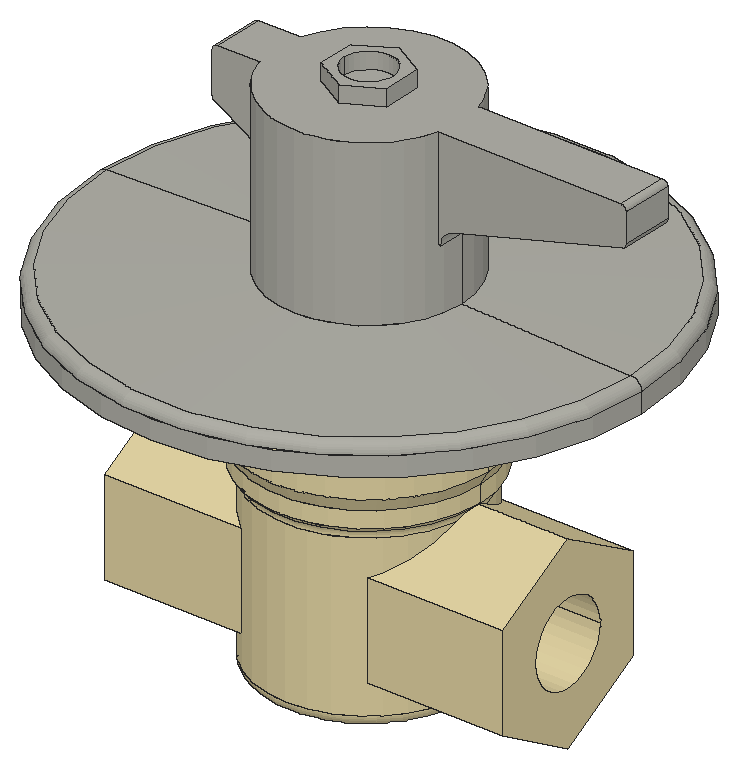
Revit family "QD21140000", category Apparecchi idraulici, Revit 2020
Family settings
  Quota connettore circolare = Usa diametro
  Tipo di parte = Normale
  Numero OmniClass = 23.45.00.00
  Titolo OmniClass = Sanitary, Laundry, and Cleaning Equipment
  Basato su piano di lavoro = No
  Sempre verticale = Sì
  Taglio con vuoti quando caricato = No
  Condiviso = No
  Punto di calcolo locali = No
Parameters
  URL = "https://web.cimberio.it/index.php/figura/94?subcategoria_id=43151"
  Temperatura di esercizio = "-10 ÷ 95°C"
  Prospetto di default = 0 mm
  Produttore = "CIMBERIO SPA"
  Pressione nominale = "PN 16"
  Modello = "Cim 127"
  Materiale = "Prodotto in lega di ottone conforme alla norma EN 12165-CW617N-DW."
  Descrizione = "Impiegato nei più svariati settori dell'impiantistica in condutture anti-ritorno per: reti di distribuzione acqua potabile, impianti di riscaldamento, condizionamento, igienico-sanitari e in generale con ogni fluido non corrosivo."
  DN Model [instance] = QD21141020 : QD21141020
  DN [instance] = 15 mm
  Commenti sul tipo = "Realizzato in ottemperanza ai requisiti gestionali della norma EN ISO 9001.\r\nCollaudato al 100% secondo la normativa EN 12266-1"
Reference planes
  plane 1 "Centro (Fronte/Retro)": y = 0
  plane 2: z = 0
  plane 3 "Centro (Sinistra/Destra)": x = 0
Dimensions and locks
  aligned and locked: level to plane 2
Nested families
  nested 1: "QD21141020" at (0, 0, 0), type <- "DN Model", type "QD21141020"
  nested 2: "QD21141020" at (0, 0, 0), type <- "DN Model", type "QD21141020"
  nested 3: "QD21141020" at (0, 0, 0), type <- "DN Model", type "QD21141020"
  nested 4: "QD21141020" at (0, 0, 0), type <- "DN Model", type "QD21141020"
  nested 5: "QD21141020" at (0, 0, 0), type <- "DN Model", type "QD21141020"
  nested 6: "QD21141020" at (0, 0, 0), type <- "DN Model", type "QD21141020"
  nested 7: "QD21141020" at (0, 0, 0), type <- "DN Model", type "QD21141020"
  nested 8: "QD21141020" at (0, 0, 0), type <- "DN Model", type "QD21141020"
Connectors
  piping at (32.5, 0, 0), diameter 15, driven by "DN"
    settings: on nested 1, index 1, connector inside diameter 609.6 mm, connector length 0 mm, flow factor 0, pipe flow 0.0 L/s, pressure drop 0.0 Pa, fitting loss kfactor 0, connector angle 0.00°, fixture units 0, engagement length 0 mm, angle of deflection 0.00°, flow configuration 0, flow direction 0, fitting loss method 0, system type 7, joint type 0, gender type 0, connector reference index -1, connector utility 0, adjustable connector no, is connector primary yes, connector description ""
  piping at (-32.5, 0, 0), diameter 15, driven by "DN"
    settings: on nested 1, index 2, connector inside diameter 609.6 mm, connector length 0 mm, flow factor 0, pipe flow 0.0 L/s, pressure drop 0.0 Pa, fitting loss kfactor 0, connector angle 0.00°, fixture units 0, engagement length 0 mm, angle of deflection 0.00°, flow configuration 0, flow direction 0, fitting loss method 0, system type 7, joint type 0, gender type 0, connector reference index -1, connector utility 0, adjustable connector no, is connector primary no, connector description ""
Definition of nested family "QD21141020"
  Parameters (values of type "QD21141020")
    Default Elevation = 0 mm
  Reference planes
    plane 1 "Centro (Fronte/Retro)": y = 0
    plane 2: z = 0
    plane 3 "Centro (Sinistra/Destra)": x = 0
  Forms (mm)
    Revolve 1, solid
      sketch origin (0, 0, 0) x (1, 0, 0) y (0, 0, 1)
        loop
          line (-9.583, 37) -> (-9.583, 30.334)
          arc (-9.583, 30.334) -> (-9.852, 29.65) -> (-10.516, 29.334) r 1.003
          line (-10.516, 29.334) -> (-20, 28.504) -> (-22, 28.5) -> (-22, 23.134) -> (-20.5, 20.536) -> (-20.5, 17.5) -> (-19.586, 16.586)
          arc (-19.586, 16.586) -> (-19.152, 15.937) -> (-19, 15.172) r 2
          line (-19, 15.172) -> (-19, -14.106)
          arc (-19, -14.106) -> (-18.451, -15.483) -> (-17.105, -16.104) r 2
          line (-17.105, -16.104) -> (0, -17) -> (0, 37) -> (-9.583, 37)
        axis (0, 37) -> (0, -17)
      angle from 0 to 360
    Extrusion 2, solid
      sketch origin (0, 0, 0) x (0, 1, 0) y (0, 0, 1)
        loop
          circle (0, 0) r 7.5
        loop
          line (0, 17.25) -> (-14.939, 8.625) -> (-14.939, -8.625) -> (0, -17.25) -> (14.939, -8.625) -> (14.939, 8.625) -> (0, 17.25)
      from -36.5 to 36.5
    Revolve 3, solid
      sketch origin (0, 0, 0) x (1, 0, 0) y (0, 0, 1)
        loop
          line (0, 42.615) -> (-10.377, 42.615) -> (-13, 41.004) -> (-13, 39) -> (-12, 38) -> (-10.583, 38)
          arc (-10.583, 38) -> (-9.876, 37.707) -> (-9.583, 37) r 1
          line (-9.583, 37) -> (0, 37) -> (0, 42.615)
        axis (0, 42.615) -> (0, 37)
      angle from 0 to 360
    Revolve 4, solid
      sketch origin (0, 0, 0) x (1, 0, 0) y (0, 0, 1)
        loop
          arc (-48.058, 48.058) -> (-49.435, 47.453) -> (-50, 46.059) r 2
          line (-50, 46.059) -> (-50, 42.502) -> (0, 42.502) -> (0, 79) -> (-17, 79) -> (-17, 48.959) -> (-48.058, 48.058)
        axis (0, 79) -> (0, 42.502)
      angle from 0 to 360
    Extrusion 5, solid
      sketch origin (0, 0, 0) x (1, 0, 0) y (0, 0, 1)
        loop
          arc (-24, 79) -> (-24.707, 78.707) -> (-25, 78) r 1
          line (-25, 78) -> (-25, 70.577)
          arc (-25, 70.577) -> (-24.866, 70.077) -> (-24.5, 69.711) r 1
          line (-24.5, 69.711) -> (-18.5, 66.247)
          arc (-18.5, 66.247) -> (-17.392, 65.132) -> (-17, 63.609) r 3
          line (-17, 63.609) -> (-15.29, 63.609) -> (-15.29, 79) -> (-24, 79)
      from -4.744 to 4.66
    Extrusion 6, solid
      sketch origin (0, 0, 0) x (1, 0, 0) y (0, 0, 1)
        loop
          line (14.258, 79) -> (14.258, 60.584) -> (17, 60.584)
          arc (17, 60.584) -> (17.619, 62.412) -> (19.224, 63.485) r 3
          line (19.224, 63.485) -> (50.259, 71.801)
          arc (50.259, 71.801) -> (50.793, 72.158) -> (51, 72.767) r 1
          line (51, 72.767) -> (51, 78)
          arc (51, 78) -> (50.707, 78.707) -> (50, 79) r 1
          line (50, 79) -> (14.258, 79)
      from -4.744 to 4.66
    Extrusion 7, solid
      sketch origin (0, 0, 0) x (1, 0, 0) y (0, 1, 0)
        loop
          line (-6, 3.464) -> (-6, -3.464) -> (0, -6.928) -> (6, -3.464) -> (6, 3.464) -> (0, 6.928) -> (-6, 3.464)
        loop
          circle (0, 0) r 4.5
      from 79 to 81.944
  Cuts and joins
    joined: Revolve 4, Extrusion 5, Extrusion 6
  Lines and regions (mm)
    Split face 1
      outline origin (-15.29, -4.66, 79) x (0, 1, 0) y (-1, 0, 0)
        loop
          circle (4.66, -15.29) r 4.5
  Dimensions and locks
    aligned and locked: level to plane 2
